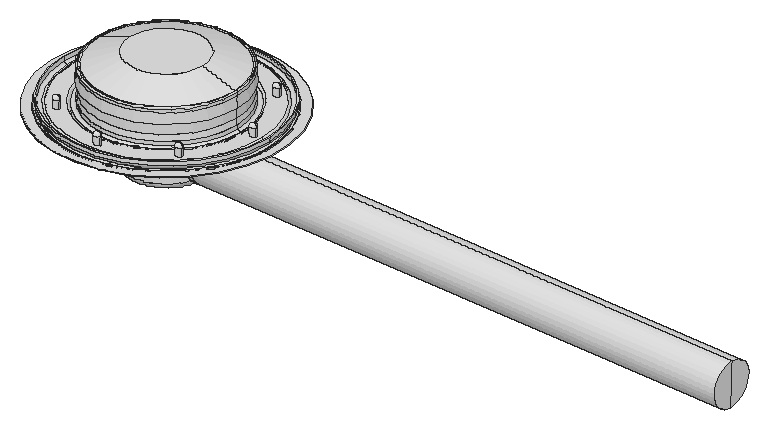
Revit family "Blucher_PlumbingFixture_GravityRoofDrain_405.000.075a", category Plumbing Fixtures, host Face, Revit 2017
Family settings
  Host = Face
  Round Connector Dimension = Use Diameter
  Part Type = Normal
  OmniClass Number = 23.70.50.21.24
  OmniClass Title = Waste Water Drains
  Cut with Voids When Loaded = No
  Shared = No
  Room Calculation Point = No
Parameters (values of type "75mm")
  _BSBibleVersion = 15
  _DistributedBy = "www.bimstore.co.uk"
  _CurrentRevision = 1
  _CreatedBy = "www.bimstore.co.uk"
  _BimSpecGuid = 0
  _Author = "Ian Holmes"
  WarrantyStartDate [instance] = "Please record on commissioning."
  WarrantyGuarantorParts = "mail@blucher.com"
  WarrantyGuarantorLabor = "n/a"
  WarrantyDurationUnit = "Years"
  WarrantyDurationParts = "n/a"
  WarrantyDurationLabor = "n/a"
  WarrantyDescription = "n/a"
  UpperPartProductCode = "405.000.000"
  URL = "http://www.blucher.com/"
  TypeName = Type Comments  # "405.000.075"
  Type Comments = "405.000.075"
  PressureDrop [instance] = 0.0 Pa
  PipeLength [instance] = 1011.5 mm
  LowerPartProductCode = "405.000.075"
  H1 = 86 mm
  H = 97 mm + H1  # 183 mm
  Flow_Sewer [instance] = 0.0 L/s
  Flow [instance] = 0.0 L/s
  DrainMaterial = Blucher_Stainless Steel
  Description = " "
  SpareParts = "n/a"
  Size = "410mm x 410mm x 75mm"
  Shape = "Rectangular"
  SerialNumber [instance] = "Please record on commissioning."
  ReplacementCost = "n/a"
  ReferencedStandard = "EN1253"
  ProductionYear = "2019"
  NominalLength = 410 mm
  NominalHeight = H  # 183 mm
  NominalDepth = 410 mm
  NBSReference = "90-10-20/302"
  NBSOfficeMasterTag = "n/a"
  NBSObjectName = "BLÜCHER - Gravity rainwater outlets"
  NBSNote = ""
  NBSDescription = "Gravity rainwater outlets"
  ModelReference = Model  # "BLÜCHER Gravity Roof Drain"
  ModelNumber [instance] = "n/a"
  Model = "BLÜCHER Gravity Roof Drain"
  Material = "Available in Stainless Steel AISI 304 & Stainless Steel AISI 316L"
  ManufacturerName = "BLÜCHER"
  Manufacturer = "BLÜCHER"
  Keynote = "R10"
  InstallationDate [instance] = "Please record on commissioning."
  IfcExportType = "IfcWasteTerminalTypeEnum.FLOORWASTE"
  IfcExportAs = "IfcFlowTerminal"
  Grade = "AISI 304/EN 1.4301 or AISI 316L/EN 1.4404"
  Finish = "2B - Pickled"
  Features = "n/a"
  ExpectedLife = 50
  DurationUnit = "Years"
  DocumentationTechnical = "https://www.bimstore.co/products/gravity-roof-drain-405-000-075/document/technical-data-sheet"
  DocumentationMaintenance = "https://www.bimstore.co/products/gravity-roof-drain-405-000-075/document/maintenance-information"
  DocumentationLiterature = "https://www.bimstore.co/products/gravity-roof-drain-405-000-075/document/product-literature"
  DocumentationInstallationGuide = "https://www.bimstore.co/products/gravity-roof-drain-405-000-075/document/installation-guide"
  DocumentationCertificates = "https://www.bimstore.co/products/gravity-roof-drain-405-000-075/document/product-certificates"
  Default Elevation = 1219.2 mm
  D = 75 mm
  CreatedOn = "2019-03-27-T09:00:00"
  CreatedBy = "mail@blucher.com"
  Constituents = "n/a"
  Color = "Stainless Steel"
  CodePerformance = "n/a"
  ClassificationValue = "Pr_65_50_35_37"
  ClassificationName = "Uniclass2015"
  BarCode [instance] = "Please record on commissioning."
  BIMObjectName = "Blucher_PlumbingFixture_GravityRoofDrain_405.000.075"
  AssetType = "Fixed"
  AssetIdentifier [instance] = "Please record on commissioning."
  Assembly Code = "D2040200"
  AccessibilityPerformance = "n/a"
Reference planes
  plane 1 "Center (Front/Back)": y = 0
  plane 2: z = 0
  plane 3 "Center (Left/Right)": x = 0
  plane 4: z = -97
  plane 5: z = 86
Forms (mm)
  Extrusion 1, void
    sketch origin (0, 0, 0) x (1, 0, 0) y (0, 1, 0)
      loop
        circle (0, 0) r 205
    from -97 to 86
Dimensions and locks
  "H": plane 5 to plane 4
  "H1": plane 5 to plane 2
  aligned and locked: plane 2 to host face
  aligned and locked: level to host face
  aligned and locked: plane 5 to Extrusion 1
  aligned and locked: Extrusion 1 to plane 4
  aligned and locked: plane 1 "Center (Front/Back)" to nested 2
  aligned and locked: plane 3 "Center (Left/Right)" to nested 2
  aligned and locked: plane 3 "Center (Left/Right)" to nested 3
  aligned and locked: plane 1 "Center (Front/Back)" to nested 3
Automatic sketch dimensions
  host sketch curve to host sketch curve = 2438.4 mm  (x2)
  plane 1 "Center (Front/Back)" to Extrusion 1 sketch curve = 0 mm
  Extrusion 1 sketch curve to plane 3 "Center (Left/Right)" = 0 mm
  radius of Extrusion 1 sketch curve = 205 mm
Nested families
  nested 1: "WaterTraps_NotVisable" at (-1080.773, -1219.2, -89.9) x (1, 0, 0) z (0, -1, 0), type "WaterTraps_NotVisable"
  nested 2: "UP_405" at (0, 0, 0), type "000.000"
  nested 3: "LP_H_405.000" at (0, 0, -97), type "125"
Connectors
  piping at (1010.884, 0, -92.301), diameter 75, driven by "Flow", driven by "PressureDrop", driven by "D"
    settings: on nested 3, index 1, connector inside diameter 609.6 mm, connector length 0 mm, flow factor 0, pipe flow 0.0 L/s, pressure drop 0.0 Pa, fitting loss kfactor 0, connector angle 0.00°, fixture units 0, engagement length 0 mm, angle of deflection 0.00°, flow configuration 2, flow direction 2, fitting loss method 4, system type 16, joint type 0, gender type 0, connector reference index -1, connector utility 0, adjustable connector no, is connector primary yes, connector description ""
Definition of nested family "UP_405"
  Parameters (values of type "000.000")
    Material = none
    Height = 86 mm
    Default Elevation = 1219.2 mm
  Types (5, lengths in mm): name | Height
    (no name) | 86
    000.000 | 86
    035.000 | 119
    045.000 | 129
    055.000 | 139
  Reference planes
    plane 1 "Center (Front/Back)": y = 0
    plane 2: z = 0
    plane 3 "Center (Left/Right)": x = 0
    plane 4: z = 86
    plane 5: z = 65.98
    plane 6: z = 64.98
    plane 7: z = 40.956
    plane 8: z = 63.98
    plane 9: z = 23.1
    plane 10: z = 12.98
  Forms (mm)
    Extrusion 1, solid
      sketch origin (0, 0, 0) x (1, 0, 0) y (0, 1, 0)
        loop
          line (-1219.2, 1219.2) -> (-1219.2, -1219.2) -> (1219.2, -1219.2) -> (1219.2, 1219.2) -> (-1219.2, 1219.2)
      from 0 to -304.8
    Sweep 2, solid, material <- "Material", detail levels medium+fine
      path origin (0, 0, 0) x (1, 0, 0) y (0, 1, 0)
        loop
          circle (0, 0) r 185
      profile origin (185, 0, 0) x (-1, 0, 0) y (0, 0, 1)
        loop
          line (58, 12.98) -> (58, 6.521)
          arc (58, 6.521) -> (54.408, 2.068) -> (49.294, 4.635) r 4.557
          arc (49.294, 4.635) -> (47.819, 6.343) -> (45.653, 6.98) r 4
          line (45.653, 6.98) -> (14.347, 6.98)
          arc (14.347, 6.98) -> (12.181, 6.343) -> (10.705, 4.635) r 4
          arc (10.705, 4.635) -> (5.592, 2.068) -> (2, 6.521) r 4.557
          line (2, 6.521) -> (2, 12.98) -> (0, 12.98) -> (0, 6.521)
          arc (0, 6.521) -> (5.169, 0.113) -> (12.526, 3.808) r 6.557
          arc (12.526, 3.808) -> (13.264, 4.661) -> (14.347, 4.98) r 2
          line (14.347, 4.98) -> (45.653, 4.98)
          arc (45.653, 4.98) -> (46.736, 4.661) -> (47.474, 3.808) r 2
          arc (47.474, 3.808) -> (54.831, 0.113) -> (60, 6.521) r 6.557
          line (60, 6.521) -> (60, 12.98) -> (58, 12.98)
    Sweep 3, solid, material <- "Material", detail levels medium+fine
      path origin (-839.809, -4572, 86) x (-1, 0, 0) y (0, -1, 0)
        loop
          circle (-839.809, -4572) r 185
      profile origin (-185, 0, 86) x (1, 0, 0) y (0, 0, 1)
        loop
          line (119.499, 0) -> (63.675, -20.02) -> (60.493, -20.02)
          arc (60.493, -20.02) -> (59.1, -20.597) -> (58.523, -21.99) r 1.97
          line (58.523, -21.99) -> (58.523, -27.057) -> (57.114, -45.044) -> (58.117, -45.044) -> (59.523, -27.096) -> (59.523, -21.99)
          arc (59.523, -21.99) -> (59.807, -21.304) -> (60.493, -21.02) r 0.97
          line (60.493, -21.02) -> (146.982, -21.02) -> (146.982, 0) -> (119.499, 0)
    Revolve 4, solid, material <- "Material", detail levels medium+fine
      sketch origin (0, 0, 0) x (1, 0, 0) y (0, 0, 1)
        loop
          line (0, 86) -> (0, 64.98) -> (38.018, 64.98) -> (38.018, 86) -> (0, 86)
        axis (0, 86) -> (0, 64.98)
      angle from 0 to 360
    Revolve 5, solid, material <- "Material"
      sketch origin (0, 0, 0) x (1, 0, 0) y (0, 0, 1)
        loop
          line (125, 63.98) -> (0, 63.98) -> (0, 12.98) -> (126.515, 12.98) -> (125, 23.1) -> (125, 63.98)
        axis (0, 63.98) -> (0, 12.98)
      angle from 0 to 360
    Revolve 6, solid, material <- "Material", detail levels coarse
      sketch origin (0, 0, 0) x (1, 0, 0) y (0, 0, 1)
        loop
          line (0, 0) -> (185, 0) -> (185, 12.98) -> (0, 12.98) -> (0, 0)
        axis (0, 12.98) -> (0, 0)
      angle from 0 to 360
    Revolve 7, solid, material <- "Material", detail levels coarse
      sketch origin (0, 0, 0) x (1, 0, 0) y (0, 0, 1)
        loop
          line (127.886, 40.956) -> (127.886, 86) -> (0, 86) -> (0, 40.956) -> (127.886, 40.956)
        axis (0, 40.956) -> (0, 86)
      angle from 0 to 360
  Cuts and joins
    joined: Sweep 3, Revolve 4
  Dimensions and locks
    "Height": plane 4 to plane 2
    locked: plane 5 to plane 6 at 1
    locked: plane 6 to plane 7 at 24.024
    locked: plane 6 to plane 8 at 1
    locked: plane 10 to plane 2 at 12.98
    locked: plane 9 to plane 10 at 10.12
    plane 3 "Center (Left/Right)" to Sweep 3 sketch curve to Sweep 3 sketch curve = 38.018 mm locked, 27.483 mm locked
    locked: plane 4 to plane 7 at 45.044
    radius of Sweep 3 sketch curve = 0.97 mm
    radius of Sweep 3 sketch curve = 1.97 mm
    locked: Sweep 3 sketch curve to plane 4 (angle 19.7293°)
    locked: Sweep 3 sketch curve to plane 3 "Center (Left/Right)" (angle 4.47863°)  (x2)
    aligned and locked: plane 2 to Extrusion 1
    aligned and locked: level to Extrusion 1
    aligned and locked: Revolve 4 sketch curve to plane 4
    aligned and locked: Revolve 4 sketch curve to plane 3 "Center (Left/Right)"
    aligned and locked: plane 4 to Sweep 3 sketch curve
    aligned and locked: plane 5 to Sweep 3 sketch curve
    aligned and locked: plane 6 to Sweep 3 sketch curve
    aligned and locked: Sweep 3 sketch curve to plane 7
    aligned and locked: plane 8 to Revolve 5 sketch curve
    aligned and locked: Revolve 5 sketch curve to plane 3 "Center (Left/Right)"  (x2)
    aligned and locked: plane 9 to Revolve 5 sketch curve
    aligned and locked: Revolve 5 sketch curve to plane 10
    aligned and locked: Revolve 4 sketch curve to plane 6
    aligned and locked: plane 10 to Revolve 6 sketch curve
    aligned and locked: Revolve 6 sketch curve to plane 3 "Center (Left/Right)"  (x2)
    aligned and locked: Revolve 6 sketch curve to plane 2
    aligned and locked: Revolve 7 sketch curve to plane 7
    aligned and locked: plane 4 to Revolve 7 sketch curve
    aligned and locked: Revolve 7 sketch curve to plane 3 "Center (Left/Right)"
    aligned and locked: plane 3 "Center (Left/Right)" to Revolve 7 sketch curve
  Automatic sketch dimensions
    Extrusion 1 sketch curve to Extrusion 1 sketch curve = 2438.4 mm  (x2)
    plane 1 "Center (Front/Back)" to Sweep 2 sketch curve = 0 mm
    Sweep 2 sketch curve to plane 3 "Center (Left/Right)" = 0 mm
    Sweep 2 sketch curve to Sweep 2 sketch curve = 0 mm  (x8)
    Sweep 2 sketch curve to profile plane = 0 mm
    Sweep 2 sketch curve to profile plane = 2 mm
    Sweep 2 sketch curve to Sweep 2 sketch curve = 4.557 mm  (x2)
    level to Sweep 2 sketch curve = 2.98 mm
    Sweep 2 sketch curve to Sweep 2 sketch curve = 7.79 mm  (x2)
    level to Sweep 2 sketch curve = 4.98 mm
    Sweep 2 sketch curve to Sweep 2 sketch curve = 31.307 mm
    Sweep 2 sketch curve to Sweep 2 sketch curve = 2 mm  (x3)
    level to Sweep 2 sketch curve = 6.521 mm  (x2)
    Sweep 2 sketch curve to Sweep 2 sketch curve = 6.459 mm  (x2)
    Revolve 4 sketch curve to plane 3 "Center (Left/Right)" = 0 mm
    plane 3 "Center (Left/Right)" to Revolve 4 sketch curve = 38.018 mm
    Revolve 4 sketch curve to Revolve 4 sketch curve = 11.188 mm
    Revolve 4 sketch curve to Revolve 4 sketch curve = 5 mm
    plane 1 "Center (Front/Back)" to Sweep 3 sketch curve = 0 mm
    Sweep 3 sketch curve to plane 3 "Center (Left/Right)" = 0 mm
    plane 3 "Center (Left/Right)" to Revolve 5 sketch curve = 125 mm
    Revolve 5 sketch curve to Revolve 5 sketch curve = 1.515 mm
    Revolve 5 sketch curve to level = 12.02 mm
    Revolve 5 sketch curve to Revolve 5 sketch curve = 15 mm
    Sweep 3 sketch curve to Sweep 3 sketch curve = 0 mm
    Sweep 3 sketch curve to Sweep 3 sketch curve = 1.003 mm
    Sweep 3 sketch curve to Sweep 3 sketch curve = 0.406 mm
    Sweep 3 sketch curve to Sweep 3 sketch curve = 3.182 mm
    plane 3 "Center (Left/Right)" to Revolve 6 sketch curve = 185 mm
    Revolve 6 sketch curve to level = 10 mm
    Revolve 6 sketch curve to Revolve 6 sketch curve = 20 mm
    Revolve 7 sketch curve to Revolve 7 sketch curve = 127.886 mm
    Revolve 7 sketch curve to Revolve 7 sketch curve = 15 mm
    Revolve 7 sketch curve to Revolve 7 sketch curve = 20 mm
    radius of Sweep 2 sketch curve = 185 mm
    radius of Sweep 3 sketch curve = 185 mm
Definition of nested family "LP_H_405.000"
  Parameters (values of type "125")
    height = 97 mm
    Radius = 37.595 mm
    Material = none
    Length = 1011.5 mm
    Dia = 125 mm
    Default Elevation = 1219.2 mm
  Reference planes
    plane 1 "Center (Front/Back)": y = 0
    plane 2: z = 0
    plane 3 "Center (Left/Right)": x = 0
    plane 4: z = 97
    plane 5: y = 62.5
    plane 6: y = -62.5
    plane 7: z = 40
  Forms (mm)
    Extrusion 1, solid
      sketch origin (0, 0, 0) x (1, 0, 0) y (0, 1, 0)
        loop
          line (-1219.2, 1219.2) -> (-1219.2, -1219.2) -> (1219.2, -1219.2) -> (1219.2, 1219.2) -> (-1219.2, 1219.2)
      from 0 to -304.8
    Sweep 2, solid, material <- "Material", detail levels medium+fine
      path origin (0, 253.25, 97) x (0, 1, 0) y (-1, 0, 0)
        loop
          circle (-253.25, 0) r 205
      profile origin (-205, 0, 97) x (1, 0, 0) y (0, 0, 1)
        loop
          line (0, 0) -> (0, -1.5) -> (16.563, -1.5)
          arc (16.563, -1.5) -> (19.345, -4.344) -> (23.152, -5.5) r 8.016
          line (23.152, -5.5) -> (31.704, -5.5)
          arc (31.704, -5.5) -> (34.427, -4.952) -> (36.792, -3.497) r 7.908
          line (36.792, -3.497) -> (63.208, -3.497)
          arc (63.208, -3.497) -> (65.573, -4.952) -> (68.296, -5.5) r 7.908
          line (68.296, -5.5) -> (76.848, -5.5)
          arc (76.848, -5.5) -> (80.655, -4.344) -> (83.437, -1.5) r 8.016
          line (83.437, -1.5) -> (105.05, -1.5) -> (105.05, -3.485)
          arc (105.05, -3.485) -> (105.679, -5.927) -> (107.962, -7) r 2.964
          line (107.962, -7) -> (133.04, -7)
          arc (133.04, -7) -> (134.111, -7.444) -> (134.555, -8.515) r 1.515
          line (134.555, -8.515) -> (134.555, -12) -> (136.055, -12) -> (136.055, -8.515)
          arc (136.055, -8.515) -> (135.172, -6.383) -> (133.04, -5.5) r 3.015
          line (133.04, -5.5) -> (107.962, -5.5)
          arc (107.962, -5.5) -> (106.927, -5.071) -> (106.498, -4.036) r 1.464
          line (106.498, -4.036) -> (106.498, -3)
          arc (106.498, -3) -> (105.619, -0.879) -> (103.498, 0) r 3
          line (103.498, 0) -> (83.437, 0)
          arc (83.437, 0) -> (82.687, -0.201) -> (82.138, -0.75) r 1.5
          arc (82.138, -0.75) -> (79.89, -3.054) -> (76.813, -4) r 6.516
          line (76.813, -4) -> (68.313, -4)
          arc (68.313, -4) -> (66.117, -3.554) -> (64.208, -2.38) r 6.408
          arc (64.208, -2.38) -> (63.741, -2.096) -> (63.204, -1.997) r 1.51
          line (63.204, -1.997) -> (36.796, -1.997)
          arc (36.796, -1.997) -> (36.259, -2.096) -> (35.792, -2.38) r 1.51
          arc (35.792, -2.38) -> (33.883, -3.554) -> (31.687, -4) r 6.408
          line (31.687, -4) -> (23.187, -4)
          arc (23.187, -4) -> (20.11, -3.054) -> (17.862, -0.75) r 6.516
          arc (17.862, -0.75) -> (17.313, -0.201) -> (16.563, 0) r 1.5
          line (16.563, 0) -> (0, 0)
    Revolve 3, solid, material <- "Material", detail levels medium+fine
      sketch origin (0, 0, 0) x (1, 0, 0) y (0, 0, 1)
        loop
          line (0, 0) -> (0, 85) -> (-70, 85) -> (-70, 10)
          arc (-70, 10) -> (-67.071, 2.929) -> (-60, 0) r 10
          line (-60, 0) -> (0, 0)
        axis (0, 85) -> (0, 0)
      angle from 0 to 360
    Revolve 4, solid, material <- "Material", detail levels medium+fine
      sketch origin (0, 0, 0) x (1, 0, 0) y (0, 0, 1)
        loop
          line (0, 40) -> (1010.884, 4.699) -> (1012.196, 42.271) -> (75.599, 74.978) -> (0, 74.978) -> (0, 40)
        axis (1010.884, 4.699) -> (-1.22, 40.043)
      angle from 0 to 360
    Revolve 5, solid, material <- "Material", detail levels fine
      sketch origin (0, 155, 0) x (1, 0, 0) y (0, 0, 1)
        loop
          line (0, 95) -> (5.477, 95) -> (5.477, 117.56)
          arc (5.477, 117.56) -> (3.873, 121.433) -> (0, 123.037) r 5.477
          line (0, 123.037) -> (0, 95)
        axis (0, 95) -> (0, 123.037)
      angle from 0 to 360
    Revolve 6, solid, material <- "Material", detail levels fine
      sketch origin (109.616, 109.591, 0) x (1, 0, 0) y (0, 0, 1)
        loop
          line (0, 95) -> (5.477, 95) -> (5.477, 117.56)
          arc (5.477, 117.56) -> (3.873, 121.433) -> (0, 123.037) r 5.477
          line (0, 123.037) -> (0, 95)
        axis (0, 95) -> (0, 123.037)
      angle from 0 to 360
    Revolve 7, solid, material <- "Material", detail levels fine
      sketch origin (155.009, -0.097, 0) x (1, 0, 0) y (0, 0, 1)
        loop
          line (0, 95) -> (5.477, 95) -> (5.477, 117.56)
          arc (5.477, 117.56) -> (3.873, 121.433) -> (0, 123.037) r 5.477
          line (0, 123.037) -> (0, 95)
        axis (0, 95) -> (0, 123.037)
      angle from 0 to 360
    Revolve 8, solid, material <- "Material", detail levels fine
      sketch origin (-109.616, 109.591, 0) x (-1, 0, 0) y (0, 0, -1)
        loop
          line (0, -95) -> (0, -123.037)
          arc (0, -123.037) -> (3.873, -121.433) -> (5.477, -117.56) r 5.477
          line (5.477, -117.56) -> (5.477, -95) -> (0, -95)
        axis (0, -95) -> (0, -123.037)
      angle from 0 to 360
    Revolve 9, solid, material <- "Material", detail levels fine
      sketch origin (-155.009, -0.097, 0) x (-1, 0, 0) y (0, 0, -1)
        loop
          line (0, -95) -> (0, -123.037)
          arc (0, -123.037) -> (3.873, -121.433) -> (5.477, -117.56) r 5.477
          line (5.477, -117.56) -> (5.477, -95) -> (0, -95)
        axis (0, -95) -> (0, -123.037)
      angle from 0 to 360
    Revolve 10, solid, material <- "Material", detail levels fine
      sketch origin (0, -155, 0) x (1, 0, 0) y (0, 0, -1)
        loop
          line (0, -95) -> (0, -123.037)
          arc (0, -123.037) -> (3.873, -121.433) -> (5.477, -117.56) r 5.477
          line (5.477, -117.56) -> (5.477, -95) -> (0, -95)
        axis (0, -95) -> (0, -123.037)
      angle from 0 to 360
    Revolve 11, solid, material <- "Material", detail levels fine
      sketch origin (109.616, -109.591, 0) x (1, 0, 0) y (0, 0, -1)
        loop
          line (0, -95) -> (0, -123.037)
          arc (0, -123.037) -> (3.873, -121.433) -> (5.477, -117.56) r 5.477
          line (5.477, -117.56) -> (5.477, -95) -> (0, -95)
        axis (0, -95) -> (0, -123.037)
      angle from 0 to 360
    Revolve 12, solid, material <- "Material", detail levels fine
      sketch origin (-109.616, -109.591, 0) x (-1, 0, 0) y (0, 0, 1)
        loop
          line (0, 95) -> (5.477, 95) -> (5.477, 117.56)
          arc (5.477, 117.56) -> (3.873, 121.433) -> (0, 123.037) r 5.477
          line (0, 123.037) -> (0, 95)
        axis (0, 95) -> (0, 123.037)
      angle from 0 to 360
    Revolve 13, solid, material <- "Material", detail levels coarse
      sketch origin (0, 0, 0) x (1, 0, 0) y (0, 0, 1)
        loop
          line (0, 0) -> (0, 97) -> (-205, 97) -> (-205, 90) -> (-70.445, 90) -> (-70.445, 0) -> (0, 0)
        axis (0, 97) -> (0, 0)
      angle from 0 to 360
  Cuts and joins
    joined: Revolve 3, Revolve 4
  Lines and regions (mm)
    reference lines
      curve 1: line (0, 0, 40) -> (1010.884, 0, 4.699)
      curve 2: line (1010.884, 0, 4.699) -> (1015.246, 0, 129.623)
  Dimensions and locks
    equal spacing: plane 5, plane 1 "Center (Front/Back)", plane 6
    "Dia": plane 5 to plane 6
    plane 3 "Center (Left/Right)" to Sweep 2 sketch curve = 98.502 mm
    "height": plane 4 to plane 2
    locked: plane 7 to plane 2 at 40
    "Dia": curve 2 to curve 2
    "Length": curve 2 to curve 1
    "Radius": curve 1 to Revolve 4 sketch curve
    locked: Revolve 4 sketch curve to plane 7 at 34.978
    locked: curve 1 to plane 7 (angle 2.00°)
    locked: curve 2 to curve 1 (angle 90.00°)
    aligned and locked: plane 2 to Extrusion 1
    aligned and locked: level to Extrusion 1
    aligned and locked: plane 3 "Center (Left/Right)" to curve 1
    aligned and locked: plane 7 to curve 1
    aligned and locked: curve 1 to Revolve 4 sketch curve
    aligned and locked: plane 3 "Center (Left/Right)" to Revolve 4 sketch curve
    aligned and locked: Revolve 4 sketch curve to curve 2
  Automatic sketch dimensions
    Extrusion 1 sketch curve to Extrusion 1 sketch curve = 2438.4 mm  (x2)
    plane 1 "Center (Front/Back)" to Sweep 2 sketch curve = 0 mm
    Sweep 2 sketch curve to plane 3 "Center (Left/Right)" = 0 mm
    Sweep 2 sketch curve to Sweep 2 sketch curve = 0 mm  (x16)
    profile plane to Sweep 2 sketch curve = 0 mm
    Sweep 2 sketch curve to plane 4 = 0 mm  (x2)
    Sweep 2 sketch curve to profile plane = 16.563 mm
    Sweep 2 sketch curve to Sweep 2 sketch curve = 6.59 mm
    Sweep 2 sketch curve to Sweep 2 sketch curve = 0.035 mm  (x2)
    plane 4 to Sweep 2 sketch curve = 2.508 mm  (x2)
    Sweep 2 sketch curve to Sweep 2 sketch curve = 0.317 mm  (x2)
    plane 4 to Sweep 2 sketch curve = 2.406 mm  (x2)
    Sweep 2 sketch curve to Sweep 2 sketch curve = 8.026 mm  (x2)
    Sweep 2 sketch curve to Sweep 2 sketch curve = 0.157 mm  (x2)
    Sweep 2 sketch curve to Sweep 2 sketch curve = 0.017 mm  (x2)
    Sweep 2 sketch curve to Sweep 2 sketch curve = 5.105 mm
    Sweep 2 sketch curve to Sweep 2 sketch curve = 0.004 mm  (x2)
    Sweep 2 sketch curve to plane 4 = 3.508 mm
    Sweep 2 sketch curve to Sweep 2 sketch curve = 26.407 mm
    Sweep 2 sketch curve to Sweep 2 sketch curve = 5.092 mm
    Sweep 2 sketch curve to Sweep 2 sketch curve = 6.942 mm
    Sweep 2 sketch curve to Sweep 2 sketch curve = 3 mm
    Sweep 2 sketch curve to Sweep 2 sketch curve = 1.448 mm
    Sweep 2 sketch curve to Sweep 2 sketch curve = 1.464 mm
    Sweep 2 sketch curve to Sweep 2 sketch curve = 25.078 mm
    Sweep 2 sketch curve to Sweep 2 sketch curve = 1.515 mm
    Sweep 2 sketch curve to Sweep 2 sketch curve = 1.5 mm  (x2)
    Sweep 2 sketch curve to plane 4 = 4 mm  (x2)
    Sweep 2 sketch curve to Sweep 2 sketch curve = 1.036 mm
    Sweep 2 sketch curve to Sweep 2 sketch curve = 3.485 mm
    Sweep 2 sketch curve to Sweep 2 sketch curve = 0.01 mm
    Sweep 2 sketch curve to Sweep 2 sketch curve = 0.382 mm
    Revolve 3 sketch curve to level = 0 mm
    Revolve 3 sketch curve to plane 3 "Center (Left/Right)" = 0 mm  (x2)
    Revolve 3 sketch curve to Revolve 3 sketch curve = 60 mm
    Revolve 3 sketch curve to Revolve 3 sketch curve = 10 mm  (x2)
    Revolve 3 sketch curve to plane 4 = 12 mm
    Revolve 3 sketch curve to level = 5 mm
    Revolve 5 sketch curve to plane 3 "Center (Left/Right)" = 0 mm  (x2)
    Revolve 5 sketch curve to plane 4 = 2 mm
    Revolve 5 sketch curve to Revolve 5 sketch curve = 5.477 mm
    plane 4 to Revolve 5 sketch curve = 20.56 mm
    Revolve 5 sketch curve to Revolve 5 sketch curve = 2.879 mm
    Revolve 5 sketch curve to Revolve 5 sketch curve = 7.435 mm
    Revolve 6 sketch curve to plane 4 = 2 mm
    plane 3 "Center (Left/Right)" to Revolve 6 sketch curve = 109.616 mm
    Revolve 6 sketch curve to Revolve 6 sketch curve = 5.477 mm
    plane 4 to Revolve 6 sketch curve = 20.56 mm
    Revolve 6 sketch curve to Revolve 6 sketch curve = 0 mm
    Revolve 6 sketch curve to Revolve 6 sketch curve = 2.879 mm
    Revolve 6 sketch curve to Revolve 6 sketch curve = 7.435 mm
    Revolve 7 sketch curve to plane 4 = 2 mm
    plane 3 "Center (Left/Right)" to Revolve 7 sketch curve = 155.009 mm
    Revolve 7 sketch curve to Revolve 7 sketch curve = 5.477 mm
    plane 4 to Revolve 7 sketch curve = 20.56 mm
    Revolve 7 sketch curve to Revolve 7 sketch curve = 0 mm
    Revolve 7 sketch curve to Revolve 7 sketch curve = 2.879 mm
    Revolve 7 sketch curve to Revolve 7 sketch curve = 7.435 mm
    Revolve 8 sketch curve to plane 4 = 2 mm
    Revolve 8 sketch curve to plane 3 "Center (Left/Right)" = 109.616 mm
    Revolve 8 sketch curve to Revolve 8 sketch curve = 5.477 mm
    plane 4 to Revolve 8 sketch curve = 20.56 mm
    Revolve 8 sketch curve to Revolve 8 sketch curve = 0 mm
    Revolve 8 sketch curve to Revolve 8 sketch curve = 2.879 mm
    Revolve 8 sketch curve to Revolve 8 sketch curve = 7.435 mm
    Revolve 9 sketch curve to plane 4 = 2 mm
    Revolve 9 sketch curve to plane 3 "Center (Left/Right)" = 155.009 mm
    Revolve 9 sketch curve to Revolve 9 sketch curve = 5.477 mm
    plane 4 to Revolve 9 sketch curve = 20.56 mm
    Revolve 9 sketch curve to Revolve 9 sketch curve = 0 mm
    Revolve 9 sketch curve to Revolve 9 sketch curve = 2.879 mm
    Revolve 9 sketch curve to Revolve 9 sketch curve = 7.435 mm
    Revolve 10 sketch curve to plane 3 "Center (Left/Right)" = 0 mm  (x2)
    Revolve 10 sketch curve to plane 4 = 2 mm
    Revolve 10 sketch curve to Revolve 10 sketch curve = 5.477 mm
    plane 4 to Revolve 10 sketch curve = 20.56 mm
    Revolve 10 sketch curve to Revolve 10 sketch curve = 2.879 mm
    Revolve 10 sketch curve to Revolve 10 sketch curve = 7.435 mm
    Revolve 11 sketch curve to plane 4 = 2 mm
    plane 3 "Center (Left/Right)" to Revolve 11 sketch curve = 109.616 mm
    Revolve 11 sketch curve to Revolve 11 sketch curve = 5.477 mm
    plane 4 to Revolve 11 sketch curve = 20.56 mm
    Revolve 11 sketch curve to Revolve 11 sketch curve = 0 mm
    Revolve 11 sketch curve to Revolve 11 sketch curve = 2.879 mm
    Revolve 11 sketch curve to Revolve 11 sketch curve = 7.435 mm
    Revolve 12 sketch curve to plane 4 = 2 mm
    Revolve 12 sketch curve to plane 3 "Center (Left/Right)" = 109.616 mm
    Revolve 12 sketch curve to Revolve 12 sketch curve = 5.477 mm
    plane 4 to Revolve 12 sketch curve = 20.56 mm
    Revolve 12 sketch curve to Revolve 12 sketch curve = 0 mm
    Revolve 12 sketch curve to Revolve 12 sketch curve = 2.879 mm
    Revolve 12 sketch curve to Revolve 12 sketch curve = 7.435 mm
    Revolve 13 sketch curve to plane 4 = 0 mm
    Revolve 13 sketch curve to level = 0 mm
    Revolve 13 sketch curve to plane 3 "Center (Left/Right)" = 0 mm  (x2)
    Revolve 13 sketch curve to plane 4 = 7 mm
    Revolve 13 sketch curve to Revolve 13 sketch curve = 70.445 mm
    Revolve 13 sketch curve to Revolve 13 sketch curve = 134.555 mm
    plane 4 to Revolve 13 sketch curve = 25.136 mm
    Revolve 13 sketch curve to Revolve 13 sketch curve = 15 mm
    Revolve 4 sketch curve to plane 7 = 0 mm
    plane 7 to Revolve 4 sketch curve = 0.174 mm
    plane 7 to Revolve 4 sketch curve = 1.221 mm
    radius of Sweep 2 sketch curve = 205 mm
Definition of nested family "WaterTraps_NotVisable"
  Parameters (values of type "WaterTraps_NotVisable")
    WaterTrapMaterial [instance] = none
    Default Elevation = 1219.2 mm
  Reference planes
    plane 1 "Center (Front/Back)": y = 0
    plane 2: z = 0
    plane 3 "Center (Left/Right)": x = 0
  Forms (mm)
    Extrusion 1, solid
      sketch origin (0, 0, 0) x (1, 0, 0) y (0, 1, 0)
        loop
          line (-1219.2, 1219.2) -> (-1219.2, -1219.2) -> (1219.2, -1219.2) -> (1219.2, 1219.2) -> (-1219.2, 1219.2)
      from 0 to -304.8
  Dimensions and locks
    aligned and locked: plane 2 to Extrusion 1
    aligned and locked: level to Extrusion 1
